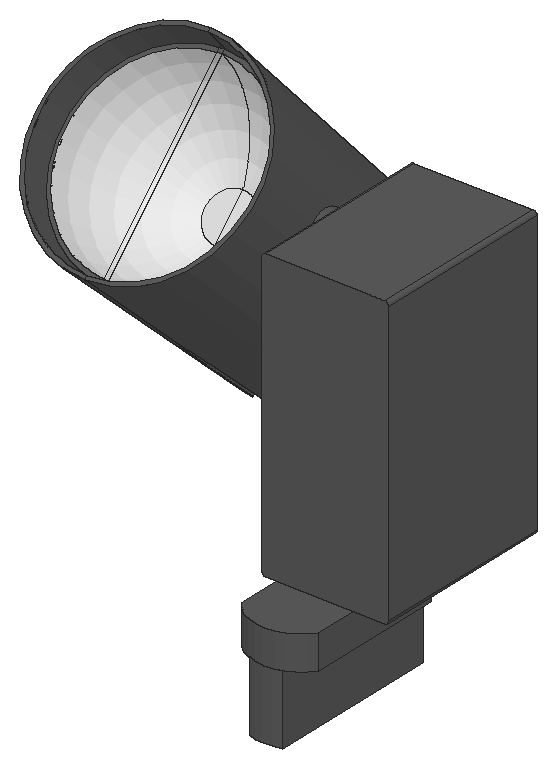
Revit family "0004942 Feilo Sylvania Lighting Fixture START TRACK SPOT S DALI 1928LM 930 WB BLK", category Lighting Fixtures, host Face, Revit 2017 (continued)
Definition of nested family "Start Track Spot Head"
  Types (96, lengths in mm): name | Wattage | built-in parameter 1150134 | Photometric Web File | Model | built-in parameter 1150105 | Lumens | built-in parameter 1150107 | built-in parameter 1150106 | HeadThickness_FEILO | HeadRibOffset_FEILO | HeadRibDepth_FEILO | HeadRibCutWidth_FEILO | HeadRibCutOffset_FEILO | HeadReflectorRadius_FEILO | HeadReflectorOffset_FEILO | HeadLEDRadius_FEILO | HeadHeight_FEILO | HeadDiffusorOffset_FEILO | HeadDiaOut_FEILO | HeadDiaIn_FEILO | HeadAxisFromTop_FEILO | Emit from Circle Diameter | built-in parameter 1150104 | Description | Apparent Load
    0004812 START TRACK SPOT S 14W 3K RA80 MB WHITE | 14 W | (empty or 0) | "0004812.ies" | "START TRACK SPOT S 14W 3K RA80 MB WHITE" | 120.32 (stored number, unit not read) | 1512 lm | 3000 (stored number, unit not read) | 1.2032 (stored number, unit not read) | 1.5 | 4.179 | 55.714 | 7.167 | 50.87 | 50.588 | 55.714 | 9.556 | 117 | 9.435 | 86 | 77.477 | 69.354 | 77.477 | 10.034 (stored number, unit not read) | "Integrated LED spotlight, Textured White - RAL9016, compact and minimalist design, ideal for retail applications, die-cast aluminium body, passive cooling heatsink. Beam angle: 36°, color temperature: 3000K , total system power: 14W, total fixture output: 1508 lm, LOR: 100%, colour rendering: Ra: 80 typical, LED Chromaticity: 3 step MacAdam ellipse, lifetime: >50000 hours at L70B50, energy class: A++, A+, A, IR/UV free light source without heat radiation, operating voltage: 220-240V / 50-60Hz, drive current: 350mA, electronic driver, non-dimmable, power factor: 0.92, electrical protection: Class II, Global Track 3 Phase adapter suitable for Global trac 3-circuit tracks, ingress protection rating: IP20, suitable for internal environment only, horizontal rotation: 355°, vertical tilt: 90°, dimensions: Ø86x140x200, weight: 0.940kg." | 14 VA
    0004811 START TRACK SPOT S 14W 3K RA80 NB WHITE | 14 W | (empty or 0) | "0004811.ies" | "START TRACK SPOT S 14W 3K RA80 NB WHITE" | 123.66 (stored number, unit not read) | 1554 lm | 3000 (stored number, unit not read) | 1.2366 (stored number, unit not read) | 1.5 | 4.179 | 55.714 | 7.167 | 50.87 | 50.588 | 55.714 | 9.556 | 117 | 9.435 | 86 | 77.477 | 69.354 | 77.477 | 10.312 (stored number, unit not read) | "Integrated LED spotlight, Textured White - RAL9016, compact and minimalist design, ideal for retail applications, die-cast aluminium body, passive cooling heatsink. Beam angle: 12°, color temperature: 3000K , total system power: 14W, total fixture output: 1551 lm, LOR: 100%, colour rendering: Ra: 80 typical, LED Chromaticity: 3 step MacAdam ellipse, lifetime: >50000 hours at L70B50, energy class: A++, A+, A, IR/UV free light source without heat radiation, operating voltage: 220-240V / 50-60Hz, drive current: 350mA, electronic driver, non-dimmable, power factor: 0.92, electrical protection: Class II, Global Track 3 Phase adapter suitable for Global trac 3-circuit tracks, ingress protection rating: IP20, suitable for internal environment only, horizontal rotation: 355°, vertical tilt: 90°, dimensions: Ø86x140x200, weight: 0.940kg." | 14 VA
  Reference planes
    plane 1 "Center (Front/Back)": y = 0
    plane 2: z = 0
    plane 3 "Center (Left/Right)": x = 0
    plane 4: x = 43
    plane 5: x = -43
    plane 6: x = -38.739
    plane 7: x = 38.739
    plane 8: z = 69.354
    plane 9: z = -47.646
    plane 10: x = -41.5
    plane 11: x = -37.239
    plane 12: z = -38.211
    plane 13: z = -35.211
    plane 14: z = 8.068
    plane 15: x = -9.556
    plane 16: x = -28.667
    plane 17: x = -19.111
    plane 18: x = -27.167
    plane 19: x = -17.611
    plane 20: x = -8.056
    plane 21: z = 13.64
    plane 22: x = -29.667
    plane 23: x = -26.167
    plane 24: x = -20.111
    plane 25: x = -16.611
    plane 26: x = -10.556
    plane 27: x = -7.056
    plane 28: x = -36.239
    plane 29: x = -40.5
    plane 30: z = 65.175
    plane 31: z = 60.997
    plane 32: z = 56.818
    plane 33: z = 18.484
    plane 34: y = -43
    plane 35: y = 43
    plane 36: y = 3.583
    plane 37: y = -3.583
    plane 38: y = -2.583
    plane 39: y = 2.583
    plane 40: y = 46
    plane 41: z = 13.5
    plane 42: z = -13.5
    plane 43: y = 39
    plane 44: x = 4.708
    plane 45: x = -2.458
    plane 46: x = -1.458
    plane 47: x = 1.458
  Forms (mm)
    Extrusion 1, solid
      sketch origin (4.2, 0, 0) x (1, 0, 0) y (0, 1, 0)
        loop
          line (-1219.2, 1219.2) -> (-1219.2, -1219.2) -> (1219.2, -1219.2) -> (1219.2, 1219.2) -> (-1219.2, 1219.2)
      from 0 to -68.017
    Revolve 2, solid, material <- "Material_1_FEILO", detail levels medium+fine
      sketch origin (0, 0, 0) x (1, 0, 0) y (0, 0, 1)
        loop
          line (-43, -47.646) -> (-41.5, -47.646) -> (-40.5, -35.211) -> (-38.739, -35.211)
          arc (-38.739, -35.211) -> (-30.16, -9.517) -> (-9.556, 8.068) r 50.588
          line (-9.556, 8.068) -> (0, 8.068) -> (0, 13.64) -> (-16.611, 13.64) -> (-17.611, 60.997) -> (-19.111, 60.997) -> (-20.111, 13.64) -> (-36.239, 13.64) -> (-37.239, 69.354) -> (-38.739, 69.354) -> (-43, -47.646)
        axis (0, 69.354) -> (0, -47.646)
      angle from 360 to 0
    Extrusion 3, void
      sketch origin (0, 0, 0) x (0, 1, 0) y (0, 0, 1)
        loop
          line (-3.583, 69.354) -> (-2.583, 18.484) -> (1.932, 18.484) -> (2.932, 69.354) -> (-3.583, 69.354)
      from 43 to -43
    Revolve 4, solid, material <- "Material_2_FEILO", detail levels medium+fine
      sketch origin (0, 0, 0) x (1, 0, 0) y (0, 0, 1)
        loop
          line (-41.5, -38.211) -> (0, -38.211) -> (0, -35.211) -> (-41.5, -35.211) -> (-41.5, -38.211)
        axis (0, -35.211) -> (0, -38.211)
      angle from 360 to 0
    Revolve 5, solid, material <- "Material_1_FEILO"
      sketch origin (0, 0, 0) x (0, 1, 0) y (0, 0, 1)
        loop
          line (46, 0) -> (39, 0) -> (39, -13.5) -> (46, -13.5) -> (46, 0)
        axis (39, 0) -> (46, 0)
      angle from 360 to 0
    Revolve 6, solid, material <- "Material_1_FEILO", detail levels medium+fine
      sketch origin (0, 0, 0) x (1, 0, 0) y (0, 0, 1)
        loop
          line (-29.667, 13.64) -> (-26.167, 13.64) -> (-27.167, 65.175) -> (-28.667, 65.175) -> (-29.667, 13.64)
        loop
          line (-10.556, 13.64) -> (-7.056, 13.64) -> (-7.833, 56.818) -> (-9.778, 56.818) -> (-10.556, 13.64)
        axis (0, 65.175) -> (0, 13.64)
      angle from 360 to 0
    Extrusion 7, void
      sketch origin (0, 0, 0) x (1, 0, 0) y (0, 0, 1)
        loop
          line (4.708, 69.354) -> (-2.458, 69.354) -> (-1.458, 13.64) -> (1.458, 13.64) -> (4.708, 69.354)
      from -43 to 43
    Revolve 8, solid, material <- "Material_1_FEILO", detail levels coarse
      sketch origin (0, 0, 0) x (1, 0, 0) y (0, 0, 1)
        loop
          line (0, 69.354) -> (-38.739, 69.354) -> (-43, -47.646) -> (-41.5, -47.646) -> (-40.731, -38.211) -> (0, -38.211) -> (0, 69.354)
        axis (0, 69.354) -> (0, -47.646)
      angle from 360 to 0
  Cuts and joins
    Extrusion 3 cuts Revolve 2
    Extrusion 7 cuts Revolve 6
  Dimensions and locks
    equal spacing: plane 7, plane 3 "Center (Left/Right)", plane 6
    equal spacing: plane 4, plane 3 "Center (Left/Right)", plane 5
    "HeadDiaOut_FEILO": plane 4 to plane 5
    "HeadDiaIn_FEILO": plane 7 to plane 6
    "HeadHeight_FEILO": plane 8 to plane 9
    "HeadThickness_FEILO": plane 10 to plane 5
    "HeadThickness_FEILO": plane 11 to plane 6
    "HeadDiffusorOffset_FEILO": plane 12 to plane 9
    "HeadDiffusorThickness_FEILO": plane 13 to plane 12
    "HeadReflectorOffset_FEILO": plane 14 to plane 9
    "HeadLEDRadius_FEILO": plane 3 "Center (Left/Right)" to plane 15
    "HeadLEDRadius_FEILO": plane 15 to plane 17
    "HeadLEDRadius_FEILO": plane 17 to plane 16
    "HeadThickness_FEILO": plane 18 to plane 16
    "HeadThickness_FEILO": plane 19 to plane 17
    "HeadThickness_FEILO": plane 20 to plane 15
    "HeadRibDepth_FEILO": plane 8 to plane 21
    "HeadDraft_FEILO": plane 16 to plane 22
    "HeadDraft_FEILO": plane 23 to plane 18
    "HeadDraft_FEILO": plane 17 to plane 24
    "HeadDraft_FEILO": plane 25 to plane 19
    "HeadDraft_FEILO": plane 15 to plane 26
    "HeadDraft_FEILO": plane 27 to plane 20
    "HeadDraft_FEILO": plane 29 to plane 10
    "HeadDraft_FEILO": plane 28 to plane 11
    "HeadRibOffset_FEILO": plane 8 to plane 30
    "HeadRibOffset_FEILO": plane 30 to plane 31
    "HeadRibOffset_FEILO": plane 31 to plane 32
    "HeadAxisFromTop_FEILO": plane 8 to plane 2
    "HeadRibCutOffset_FEILO": plane 8 to plane 33
    equal spacing: plane 34, plane 1 "Center (Front/Back)", plane 35
    "HeadDiaOut_FEILO": plane 34 to plane 35
    equal spacing: plane 38, plane 1 "Center (Front/Back)", plane 39
    equal spacing: plane 37, plane 1 "Center (Front/Back)", plane 36
    "HeadRibCutWidth_FEILO": plane 37 to plane 36
    "HeadDraft_FEILO": plane 37 to plane 38
    locked: plane 35 to plane 40 at 3
    equal spacing: plane 41, plane 2, plane 42
    locked: plane 42 to plane 41 at 27
    locked: plane 43 to plane 35 at 4
    equal spacing: plane 45, imposter light, plane 44
    "HeadDraft_FEILO": plane 46 to plane 45
    "HeadRibCutWidth_FEILO": plane 44 to plane 45
    equal spacing: plane 47, plane 3 "Center (Left/Right)", plane 46
    "HeadReflectorRadius_FEILO": radius of Revolve 2 sketch curve
    aligned and locked: plane 2 to Extrusion 1
    aligned and locked: level to Extrusion 1
    aligned and locked: Revolve 2 sketch curve to plane 3 "Center (Left/Right)"  (x2)
    aligned and locked: plane 9 to Revolve 2 sketch curve  (x2)
    aligned and locked: plane 5 to Revolve 2 sketch curve
    aligned and locked: plane 10 to Revolve 2 sketch curve
    aligned and locked: plane 14 to Revolve 2 sketch curve
    aligned and locked: plane 8 to Revolve 2 sketch curve
    aligned and locked: Revolve 2 sketch curve to plane 13
    aligned and locked: plane 12 to Revolve 4 sketch curve
    aligned and locked: plane 3 "Center (Left/Right)" to Revolve 4 sketch curve
    aligned and locked: Revolve 4 sketch curve to plane 10
    aligned and locked: Revolve 4 sketch curve to plane 3 "Center (Left/Right)"
    aligned and locked: plane 12 to imposter light
    aligned and locked: imposter light to plane 1 "Center (Front/Back)"
    aligned and locked: Revolve 5 sketch curve to plane 2
    aligned and locked: plane 43 to Revolve 5 sketch curve
    aligned and locked: plane 42 to Revolve 5 sketch curve
    aligned and locked: Revolve 6 sketch curve to plane 3 "Center (Left/Right)"
    aligned and locked: plane 22 to Revolve 6 sketch curve
    aligned and locked: plane 30 to Revolve 6 sketch curve
    aligned and locked: plane 23 to Revolve 6 sketch curve
    aligned and locked: Revolve 6 sketch curve to plane 21  (x2)
    aligned and locked: plane 21 to Revolve 6 sketch curve
    aligned and locked: plane 17 to Revolve 2 sketch curve
    aligned and locked: plane 19 to Revolve 2 sketch curve
    aligned and locked: plane 31 to Revolve 2 sketch curve
    aligned and locked: plane 21 to Revolve 2 sketch curve
    aligned and locked: Extrusion 3 to plane 8
    aligned and locked: plane 33 to Extrusion 3
    aligned and locked: plane 8 to Extrusion 3 sketch curve
    aligned and locked: Extrusion 3 sketch curve to plane 33
    aligned and locked: Extrusion 3 to plane 5
    aligned and locked: plane 4 to Extrusion 3
    aligned and locked: plane 32 to Revolve 6 sketch curve
    aligned and locked: plane 44 to Extrusion 7 sketch curve
    aligned and locked: Extrusion 7 sketch curve to plane 8
    aligned and locked: plane 46 to Extrusion 7 sketch curve
    aligned and locked: plane 21 to Extrusion 7 sketch curve
    aligned and locked: plane 34 to Extrusion 7
    aligned and locked: Extrusion 7 to plane 35
    aligned and locked: Revolve 4 sketch curve to plane 13
    aligned and locked: Revolve 5 sketch curve to plane 40
    aligned and locked: Revolve 8 sketch curve to plane 3 "Center (Left/Right)"
    aligned and locked: Revolve 8 sketch curve to cut or joined group of Revolve 2, Extrusion 3  (x3)
    aligned and locked: plane 5 to Revolve 8 sketch curve
    aligned and locked: plane 3 "Center (Left/Right)" to Revolve 8 sketch curve
    aligned and locked: plane 12 to Revolve 8 sketch curve
  Automatic sketch dimensions
    Extrusion 1 sketch curve to Extrusion 1 sketch curve = 2438.4 mm  (x2)
    Extrusion 3 sketch curve to plane 37 = 0 mm
    Extrusion 3 sketch curve to plane 38 = 0 mm
    plane 39 to Extrusion 3 sketch curve = 0.651 mm
    Extrusion 3 sketch curve to plane 39 = 0.349 mm
    Revolve 6 sketch curve to plane 16 = 0 mm
    Revolve 6 sketch curve to plane 18 = 0 mm
    Revolve 6 sketch curve to plane 26 = 0 mm
    Revolve 6 sketch curve to plane 27 = 0 mm
    Revolve 6 sketch curve to plane 15 = 0.222 mm
    plane 9 to Revolve 6 sketch curve = 559.103 mm
    Revolve 6 sketch curve to plane 8 = 2535.555 mm
    plane 20 to Revolve 6 sketch curve = 0.222 mm
    Revolve 2 sketch curve to plane 29 = 0 mm
    Revolve 2 sketch curve to plane 6 = 0 mm  (x2)
    Revolve 2 sketch curve to plane 11 = 0 mm
    Revolve 2 sketch curve to plane 21 = 0 mm
    Revolve 2 sketch curve to plane 28 = 0 mm
    Revolve 2 sketch curve to plane 24 = 0 mm
    Revolve 2 sketch curve to plane 25 = 0 mm
    Revolve 2 sketch curve to plane 15 = 0 mm
    Revolve 2 sketch curve to Revolve 2 sketch curve = 557.155 mm
    Revolve 2 sketch curve to plane 8 = 2535.558 mm
    Extrusion 7 sketch curve to plane 45 = 0 mm
    Extrusion 7 sketch curve to plane 47 = 0 mm
    plane 9 to Revolve 4 sketch curve = 559.103 mm
    Revolve 4 sketch curve to plane 8 = 2535.555 mm
    Revolve 5 sketch curve to level = 0 mm
    plane 34 to Revolve 5 sketch curve = 1968.092 mm
    Revolve 5 sketch curve to plane 40 = 1405.763 mm
    Revolve 8 sketch curve to plane 6 = 0 mm
    Revolve 8 sketch curve to plane 29 = 0.231 mm
    plane 9 to Revolve 8 sketch curve = 559.103 mm
    Revolve 8 sketch curve to Revolve 8 sketch curve = 2535.555 mm
Definition of nested family "Start Track Spot Box"
  Parameters (values of type "Type Large White")
    URL = "http://www.feilosylvania.com"
    Type Image = (empty or 0)
    Type Comments = "n/a"
    Small_FEILO = no
    Material_3_FEILO = none
    Model = ""
    Manufacturer = "Feilo Sylvania"
    Keynote = ""
    Material_2_FEILO = none
    Description = ""
    Default Elevation = 1219.2 mm
    Cost = 0
    Material_1_FEILO = none
    BoxWidth_FEILO = 49 mm
    BoxStartAngle_FEILO [instance] = 0.00°
    BoxRadius_FEILO = 1.5 mm
    BoxHeight_FEILO = if(Small_FEILO, 112 mm, 136 mm)  # 136 mm
    BoxEndAngle_FEILO [instance] = BoxStartAngle_FEILO - 180.00°  # -180.00°
    BoxDepth_FEILO = if(Small_FEILO, 71.5 mm, 79 mm)  # 79 mm
    BoxAxisVerticalOffset_FEILO = 16 mm
    BoxAxisOffset_FEILO = BoxHeight_FEILO / 6.8  # 20 mm
    Assembly Code = ""
    Material_4_FEILO = none
  Types (4, lengths in mm): name | Small_FEILO | BoxHeight_FEILO | BoxDepth_FEILO | BoxAxisOffset_FEILO
    Type Large White | no | 136 | 79 | 20
    Type Small White | yes | 112 | 71.5 | 16.471
    Type Small Black | yes | 112 | 71.5 | 16.471
    Type Large Black | no | 136 | 79 | 20
  Reference planes
    plane 1 "Center (Front/Back)": y = 0
    plane 2: z = 0
    plane 3 "Center (Left/Right)": x = 0
    plane 4: x = 24.5
    plane 5: x = -24.5
    plane 6: y = 68
    plane 7: y = -68
    plane 8: z = 39.5
    plane 9: z = -39.5
    plane 10: y = -48
    plane 11: x = 30.5
    plane 12: x = 8.5
    plane 13: x = 21.5
    plane 14: y = 70
    plane 15: y = 72
    plane 16: x = 19.5
  Forms (mm)
    Extrusion 1, solid
      sketch origin (4.2, 0, 0) x (1, 0, 0) y (0, 1, 0)
        loop
          line (-1219.2, 1219.2) -> (-1219.2, -1219.2) -> (1219.2, -1219.2) -> (1219.2, 1219.2) -> (-1219.2, 1219.2)
      from 0 to -68.017
    Extrusion 2, solid, material <- "Material_1_FEILO"
      sketch origin (0, 0, 0) x (1, 0, 0) y (0, 1, 0)
        loop
          arc (-23, 68) -> (-24.061, 67.561) -> (-24.5, 66.5) r 1.5
          line (-24.5, 66.5) -> (-24.5, -66.5)
          arc (-24.5, -66.5) -> (-24.061, -67.561) -> (-23, -68) r 1.5
          line (-23, -68) -> (23, -68)
          arc (23, -68) -> (24.061, -67.561) -> (24.5, -66.5) r 1.5
          line (24.5, -66.5) -> (24.5, 66.5)
          arc (24.5, 66.5) -> (24.061, 67.561) -> (23, 68) r 1.5
          line (23, 68) -> (-23, 68)
      from -39.5 to 39.5
    Revolve 3, solid, not visible
      sketch origin (0, 0, 0) x (1, 0, 0) y (0, 1, 0)
        loop
          line (30.5, -48) -> (24.5, -48) -> (24.5, -68) -> (30.5, -68) -> (30.5, -48)
        axis (30.5, -48) -> (24.5, -48)
      angle from 0 <- "BoxStartAngle_FEILO" to -180 <- "BoxEndAngle_FEILO"
    Revolve 4, solid, material <- "Material_2_FEILO"
      sketch origin (0, 0, 0) x (1, 0, 0) y (0, 1, 0)
        loop
          line (8.5, 68) -> (19.5, 68) -> (19.5, 70) -> (21.5, 70) -> (21.5, 72) -> (8.5, 72) -> (8.5, 68)
        axis (8.5, 72) -> (8.5, 68)
      angle from 360 to 0
  Dimensions and locks
    equal spacing: plane 5, plane 3 "Center (Left/Right)", plane 4
    "BoxWidth_FEILO": plane 5 to plane 4
    equal spacing: plane 7, plane 1 "Center (Front/Back)", plane 6
    "BoxHeight_FEILO": plane 7 to plane 6
    equal spacing: plane 8, plane 2, plane 9
    "BoxDepth_FEILO": plane 8 to plane 9
    "BoxAxisOffset_FEILO": plane 7 to plane 10
    locked: plane 4 to plane 11 at 6
    "BoxAxisVerticalOffset_FEILO": plane 12 to plane 4
    locked: plane 12 to plane 13 at 13
    plane 6 to plane 14 to plane 15 = 2 mm locked, 2 mm locked
    locked: plane 12 to plane 16 at 11
    "BoxRadius_FEILO": radius of Extrusion 2 sketch curve  (x4)
    aligned and locked: plane 2 to Extrusion 1
    aligned and locked: level to Extrusion 1
    aligned and locked: plane 6 to Extrusion 2 sketch curve
    aligned and locked: plane 5 to Extrusion 2 sketch curve
    aligned and locked: Extrusion 2 sketch curve to plane 7
    aligned and locked: Extrusion 2 sketch curve to plane 4
    aligned and locked: Extrusion 2 to plane 8
    aligned and locked: plane 9 to Extrusion 2
    aligned and locked: Revolve 3 sketch curve to plane 10  (x2)
    aligned and locked: plane 11 to Revolve 3 sketch curve
    aligned and locked: Revolve 3 sketch curve to plane 4
    aligned and locked: plane 7 to Revolve 3 sketch curve
    aligned and locked: Revolve 4 sketch curve to plane 12
    aligned and locked: plane 6 to Revolve 4 sketch curve
    aligned and locked: plane 12 to Revolve 4 sketch curve
    aligned and locked: plane 15 to Revolve 4 sketch curve
    aligned and locked: Revolve 4 sketch curve to plane 13
    aligned and locked: Revolve 4 sketch curve to plane 14
    aligned and locked: Revolve 4 sketch curve to plane 16
    aligned and locked: Revolve 4 sketch curve to plane 6
  Automatic sketch dimensions
    Extrusion 1 sketch curve to Extrusion 1 sketch curve = 2438.4 mm  (x2)
    Revolve 3 sketch curve to plane 5 = 1499.5 mm
    plane 11 to Revolve 3 sketch curve = 1493.5 mm
    plane 15 to Revolve 4 sketch curve = 0 mm
    plane 7 to Revolve 4 sketch curve = 1456 mm
    Revolve 4 sketch curve to plane 15 = 1452 mm
